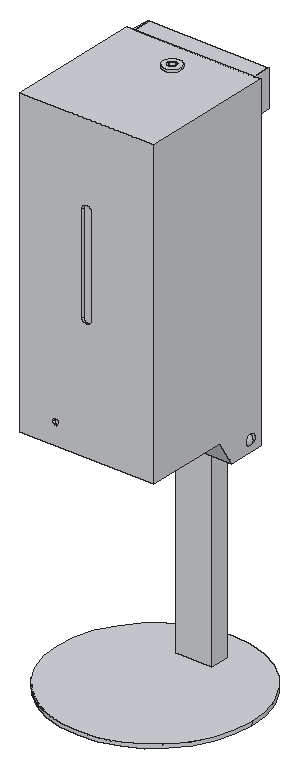
Revit family "AX9491+AX9424-S_0002", category Modèles génériques, Revit 2016
Family settings
  Hôte = Sol
  Type d'élément = Normal
  Peut héberger une armature = Non
  Cote de connecteur circulaire = Utiliser le diamètre
  Basée sur le plan de construction = Non
  Toujours verticalement = Oui
  Couper avec des vides une fois chargée = Non
  Partagée = Non
  Point de calcul de pièce = Non
Parameters
  URL = "https://www.axeuro.com/fr/accueil/26184-distributeur-automatique-de-desinfectant-liquide-a-poser-sur-un-comptoir-ax9491ax9424-s.html"
  Type de produit / Type of product = "Distributeur de lotion désinfectante à poser sur un comptoir / Disinfectant lotion dispenser to be placed on a counter"  # constant formula
  Référence / Reference = "AX9491+AX9424-S"  # constant formula
  Entreprise / Company = "Axeuro"  # constant formula
Reference planes
  plane 1 "Centre (avant/arrière)": y = 0
  plane 2: z = 0
  plane 3 "Centre (gauche/droite)": x = 0
Forms (mm)
  Extrusion 1, solid
    sketch origin (162.428, -49.928, 0) x (1, 0, 0) y (0, 1, 0)
      loop
        circle (-162.428, 49.928) r 80
    from 0 to 3
  Extrusion 2, solid
    sketch origin (-108.218, 55, 0) x (1, 0, 0) y (0, 0, 1)
      loop
        line (93.218, 420.247) -> (93.218, 3) -> (123.218, 3) -> (123.218, 420.247) -> (93.218, 420.247)
      loop
        circle (108.218, 253.247) r 4
    from 0 to 15
  Extrusion 3, solid
    sketch origin (-53, 55, 543.465) x (0, 0, -1) y (1, 0, 0)
      loop
        line (93.218, 101.981) -> (93.218, 4.019) -> (123.218, 4.019) -> (123.218, 101.981) -> (93.218, 101.981)
      loop
        circle (108.218, 53) r 4
      loop
        circle (108.218, 79.5) r 4
      loop
        circle (108.218, 26.5) r 4
    from 0 to 15
  Extrusion 4, solid
    sketch origin (-53, 55, 543.465) x (0, 0, -1) y (1, 0, 0)
      loop
        line (93.218, 4.019) -> (93.218, 3) -> (123.218, 3) -> (123.218, 4.019) -> (93.218, 4.019)
    from 0 to 15
  Extrusion 5, solid
    sketch origin (53, 55, 543.465) x (0, 0, -1) y (1, 0, 0)
      loop
        line (93.218, -4.019) -> (123.218, -4.019) -> (123.218, -3) -> (93.218, -3) -> (93.218, -4.019)
    from 0 to 15
  Extrusion 6, solid
    sketch origin (-45.053, 186.24, -89.753) x (-1, 0, 0) y (0, -1, 0)
      loop
        line (-100.053, 146.24) -> (9.947, 146.24) -> (9.947, 256.24) -> (-100.053, 256.24) -> (-100.053, 146.24)
    from 270 to 540
  Extrusion 7, void
    sketch origin (0, 115, -89.753) x (0, -1, 0) y (0, 0, 1)
      loop
        line (105, 270) -> (185, 270) -> (185, 290) -> (117, 290) -> (105, 270)
    from -55 to 55
  Extrusion 8, void
    sketch origin (48.587, 115, -62.609) x (-1, 0, 0) y (0, 0, 1)
      loop
        arc (19.087, 496.877) -> (21.587, 488.856) -> (24.087, 496.877) r 4.4
        line (24.087, 496.877) -> (24.087, 499.356)
        arc (24.087, 499.356) -> (21.587, 501.856) -> (19.087, 499.356) r 2.5
        line (19.087, 499.356) -> (19.087, 496.877)
    from -75.849 to -75
  Extrusion 9, void
    sketch origin (-48.587, 115, -62.609) x (1, 0, 0) y (0, 0, -1)
      loop
        line (19.087, -496.877) -> (19.087, -499.356)
        arc (19.087, -499.356) -> (21.587, -501.856) -> (24.087, -499.356) r 2.5
        line (24.087, -499.356) -> (24.087, -496.877)
        arc (24.087, -496.877) -> (21.587, -488.856) -> (19.087, -496.877) r 4.4
    from -75.849 to -75
  Extrusion 10, void
    sketch origin (0, 115, -96.749) x (1, 0, 0) y (0, 0, -1)
      loop
        circle (-35.5, -398) r 2.5
    from -75.849 to -75
  Extrusion 11, void
    sketch origin (0, 115, -96.749) x (-1, 0, 0) y (0, 0, 1)
      loop
        circle (-35.5, 398) r 2.5
    from -75.849 to -75
  Revolve 12, solid
    sketch origin (0, 29, -92.306) x (-1, 0, 0) y (0, 0, 1)
      loop
        line (55, 282.053) -> (57, 282.053)
        arc (57, 282.053) -> (56.566, 284.554) -> (55, 286.553) r 5.204
        line (55, 286.553) -> (55, 282.053)
      axis (55, 282.053) -> (57, 282.053)
    angle from 0 to 360
  Revolve 13, solid
    sketch origin (0, 29, -92.306) x (1, 0, 0) y (0, 0, -1)
      loop
        line (55, -282.053) -> (55, -286.553)
        arc (55, -286.553) -> (56.566, -284.554) -> (57, -282.053) r 5.204
        line (57, -282.053) -> (55, -282.053)
      axis (55, -282.053) -> (57, -282.053)
    angle from 0 to 360
  Extrusion 14, void
    sketch origin (7.15, 40, -101.725) x (-1, 0, 0) y (0, 0, 1)
      loop
        circle (32.65, 319.472) r 2.5
    from -110 to -108.683
  Extrusion 15, solid
    sketch origin (90.696, 159.043, -89.753) x (-1, 0, 0) y (0, -1, 0)
      loop
        circle (90.696, 141.543) r 7.5
      loop
        circle (90.696, 141.543) r 3.506
    from 540 to 541.5
  Extrusion 16, solid
    sketch origin (0, 118.506, -89.753) x (-1, 0, 0) y (0, -1, 0)
      loop
        circle (0, 101.006) r 2.421
    from 540 to 541.5
  Extrusion 17, void
    sketch origin (0, 114.991, -89.753) x (1, 0, 0) y (0, 1, 0)
      loop
        line (-3.922, -97.938) -> (-1.695, -97.938) -> (-1.695, -97.043) -> (-3.922, -97.043) -> (-3.922, -97.938)
    from 540 to 541.5
  Extrusion 18, void
    sketch origin (-104.781, 40, -142.575) x (-1, 0, 0) y (0, 0, 1)
      loop
        arc (-100.781, 524.822) -> (-104.781, 528.822) -> (-108.781, 524.822) r 4
        line (-108.781, 524.822) -> (-108.781, 444.822)
        arc (-108.781, 444.822) -> (-104.781, 440.822) -> (-100.781, 444.822) r 4
        line (-100.781, 444.822) -> (-100.781, 524.822)
    from -110 to -108.683
Cuts and joins
  Extrusion 7, Extrusion 8, Extrusion 9, Extrusion 10, Extrusion 11, Extrusion 14, Extrusion 18 cuts Extrusion 6
  Extrusion 17 cuts Extrusion 15
  Extrusion 17 cuts Extrusion 16
Dimensions and locks
  aligned and locked: level to plane 2
